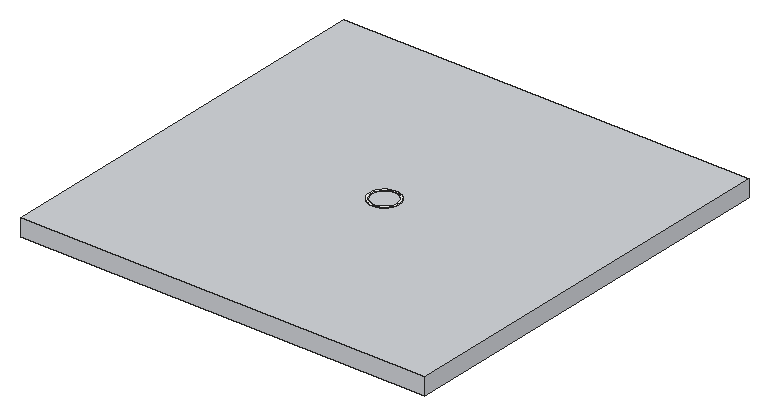
Revit family
Parameters (values of type "2"")
  WFU = 0
  URL = "WWW.MIFAB.COM"
  Pipe Radius = Pipe Diameter / 2  # 1.000"
  Pipe Diameter = 2.000"
  Model = "F1780"
  Manufacturer = "MIFAB"
  Floor Drain Material = Paint - Sherwin Williams Paint - #952C2A - Bellwood Red
  Description = "INDIRECT WASTE FUNNEL"
  Default Elevation = 0.000"
  Body Height = 10.375"
Types (5): name | Pipe Radius | Pipe Diameter
  (no name) | 1.000" | 2.000"
  2" | 1.000" | 2.000"
  3" | 1.500" | 3.000"
  4" | 2.000" | 4.000"
  6" | 3.000" | 6.000"
Reference planes (in)
  plane 1 "Center (Front/Back)": y = 0
  plane 2: z = 0
  plane 3 "Center (Left/Right)": x = 0
  plane 4: x = -3
  plane 5: x = 3
  plane 6: x = -3.5
  plane 7: x = 3.5
  plane 8: z = -10.375
  plane 9: z = -5
  plane 10: x = -1
  plane 11: x = 1
  plane 12: z = -9.375
  plane 13: x = -1.2
  plane 14: x = -1.4
  plane 15: z = -0.39943
Forms (in)
  Extrusion 1, solid
    sketch origin (0, 0, 0) x (1, 0, 0) y (0, 1, 0)
      loop
        line (-48, 48) -> (-48, -48) -> (48, -48) -> (48, 48) -> (-48, 48)
    from 0 to -4
  Revolve 2, solid, material "Paint - Sherwin Williams Paint - #952C2A - Bellwood Red" <- "Floor Drain Material"
    sketch origin (0, 0, 0) x (1, 0, 0) y (0, 0, 1)
      loop
        line (-1, -5) -> (-1.4, -5) -> (-1.4, -9.375) -> (-1.2, -9.375) -> (-1.2, -10.375) -> (-1, -10.375) -> (-1, -5)
      axis (0, -5) -> (0, -10.375)
    angle from 0 to 360
  Revolve 3, solid, material "Paint - Sherwin Williams Paint - #952C2A - Bellwood Red" <- "Floor Drain Material"
    sketch origin (0, 0, 0) x (1, 0, 0) y (0, 0, 1)
      loop
        line (-1, -5) -> (-3, 0) -> (-3.5, 0) -> (-3.5, -0.39943) -> (-3.4, -0.39943) -> (-1.4, -5) -> (-1, -5)
      axis (0, 0) -> (0, -5)
    angle from 0 to 360
Lines and regions (in)
  symbolic lines
    curve 1: circle (0, 0, 0) r 3.5 normal (0, 0, 1)
Dimensions and locks (in)
  equal spacing: plane 5, plane 3 "Center (Left/Right)", plane 4
  locked: plane 4 to plane 5 at 6
  equal spacing: plane 7, plane 3 "Center (Left/Right)", plane 6
  plane 7 to plane 6 = 7.000"
  "Body Height": Extrusion 1 to plane 8
  equal spacing: plane 10, plane 3 "Center (Left/Right)", plane 11
  "Pipe Diameter": plane 10 to plane 11
  locked: plane 12 to plane 8 at 1
  locked: Extrusion 1 to plane 15 at 0.39943
  locked: Extrusion 1 to plane 9 at 5
  plane 14 to plane 13 to plane 10 = 0.200", 0.200"
  aligned and locked: plane 2 to Extrusion 1
  aligned and locked: level to Extrusion 1
  aligned and locked: Revolve 2 sketch curve to plane 10
  aligned and locked: plane 14 to Revolve 2 sketch curve
  aligned and locked: Revolve 2 sketch curve to plane 12
  aligned and locked: Revolve 2 to plane 9
  aligned and locked: Revolve 3 sketch curve to plane 9
Automatic sketch dimensions
  Extrusion 1 sketch curve to Extrusion 1 sketch curve = 96.000"  (x2)
  Revolve 2 sketch curve to plane 13 = 0.000"
  Revolve 2 sketch curve to plane 8 = 0.000"
  Revolve 2 sketch curve to plane 3 "Center (Left/Right)" = 0.000"
  Revolve 2 sketch curve to plane 8 = 14.000"
  Revolve 2 sketch curve to plane 9 = 0.000"
  level to Revolve 2 sketch curve = 102.71882"
  Revolve 3 sketch curve to level = 0.000"
  Revolve 3 sketch curve to plane 6 = 0.000"
  Revolve 3 sketch curve to plane 15 = 0.000"
  Revolve 3 sketch curve to plane 4 = 0.000"
  Revolve 3 sketch curve to plane 10 = 0.000"
  Revolve 3 sketch curve to plane 3 "Center (Left/Right)" = 0.000"
  plane 6 to Revolve 3 sketch curve = 0.100"
  Revolve 3 sketch curve to plane 8 = 14.000"
  level to Revolve 3 sketch curve = 102.71882"
  Revolve 3 sketch curve to plane 14 = 0.000"
  plane 1 "Center (Front/Back)" to curve 1 = 0.000"
  curve 1 to plane 3 "Center (Left/Right)" = 0.000"
  radius of curve 1 = 3.500"
Connectors (in)
  piping at (0, 0, -10.375), driven by "Pipe Radius", driven by "WFU"
    settings: on Revolve 2, index 1, connector radius 1", flow factor 0, pipe flow 0 GPM, pressure drop 0.00 psi, fitting loss kfactor 0, connector angle 0.00°, fixture units 0, flow configuration 3, flow direction 2, fitting loss method 0, system type 16, connector reference index -1, connector utility 0, adjustable connector no, is connector primary yes, fitting loss table "", connector description "Sanitary Out"
